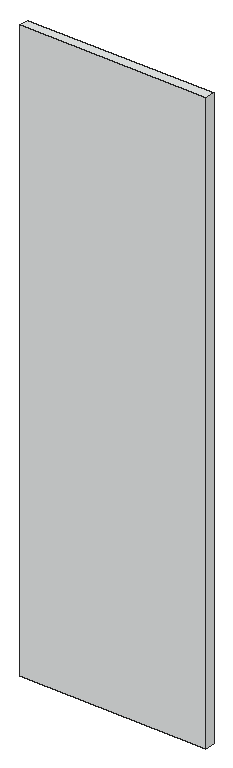
Revit family "Porta_Correr", category Doors, host Wall, Revit 2025
Family settings
  Host = Wall
  OmniClass Number = 23.30.10.00
  OmniClass Title = Doors
  Always vertical = Yes
  Cut with Voids When Loaded = No
  Shared = No
  Room Calculation Point = Yes
Parameters (values of type "POR_060x210_CRR_BOX")
  Thickness = 0.00 mm
  Function = Interior
  Door Material = Folha Porta
  Frame Material = Marco Porta
  Height = 2100.00 mm
  Trim Projection Ext = 25.00 mm
  Trim Projection Int = 25.00 mm
  Trim Width = 66.00 mm
  Wall Closure = By host
  Width = 600.00 mm
  Define Thermal Properties by = Schematic Type
  Analytic Construction = "<None>"
Types (10, lengths in mm): name | Thickness | Width
  POR_060x210_CRR_BOX | 0.00 | 600.00
  POR_100x210_CRR_ELV | 51.00 | 1000.00
  POR_250x210_CRR | 51.00 | 2500.00
  POR_165x210_CRR | 51.00 | 1650.00
  POR_140x210_CRR | 51.00 | 1400.00
  POR_120x210_CRR | 51.00 | 1200.00
  POR_080x210_CRR | 0.00 | 800.00
  POR_060x210_CRR | 0.00 | 600.00
  POR_070x210_CRR | 0.00 | 700.00
  POR_090x210_CRR | 51.00 | 900.00
Reference planes
  plane 1: y = 0
  plane 2: z = 0
  plane 3: x = 0
  plane 4: x = -300
  plane 5: x = 300
  plane 6: z = 2100
Forms (mm)
  Extrusion 1, solid, material "CT_Portas"
    sketch origin (0, 0, 0) x (1, 0, 0) y (0, 1, 0)
      loop
        line (-335, -76.2) -> (-335, -111.2) -> (334.391, -111.2) -> (334.391, -76.2) -> (-335, -76.2)
    from 0 to 2100
Lines and regions (mm)
  Opening 1
    outline origin (-1524, -76.2, 3657.6) x (0, 0, -1) y (1, 0, 0)
      loop
        line (1557.6, 1224) -> (3657.6, 1224) -> (3657.6, 1824) -> (1557.6, 1824) -> (1557.6, 1224)
Dimensions and locks
  equal spacing: plane 4, plane 3, plane 5
  "Width": plane 4 to plane 5
  "Height": plane 6 to plane 2
  locked: Extrusion 1 to Extrusion 1 at 35
  aligned and locked: Extrusion 1 to host wall
  aligned and locked: Extrusion 1 to plane 6
  aligned and locked: Extrusion 1 to level
Automatic sketch dimensions
  Opening 1 sketch curve to plane 6 = 0.00 mm
  Opening 1 sketch curve to level = 0.00 mm
  Opening 1 sketch curve to plane 4 = 0.00 mm
  Opening 1 sketch curve to plane 5 = 0.00 mm
  plane 4 to Extrusion 1 sketch curve = 35.00 mm
  Extrusion 1 sketch curve to plane 5 = 34.391 mm
  host wall to Extrusion 1 sketch curve = 35.00 mm
  Extrusion 1 sketch curve to Extrusion 1 sketch curve = 35.00 mm
